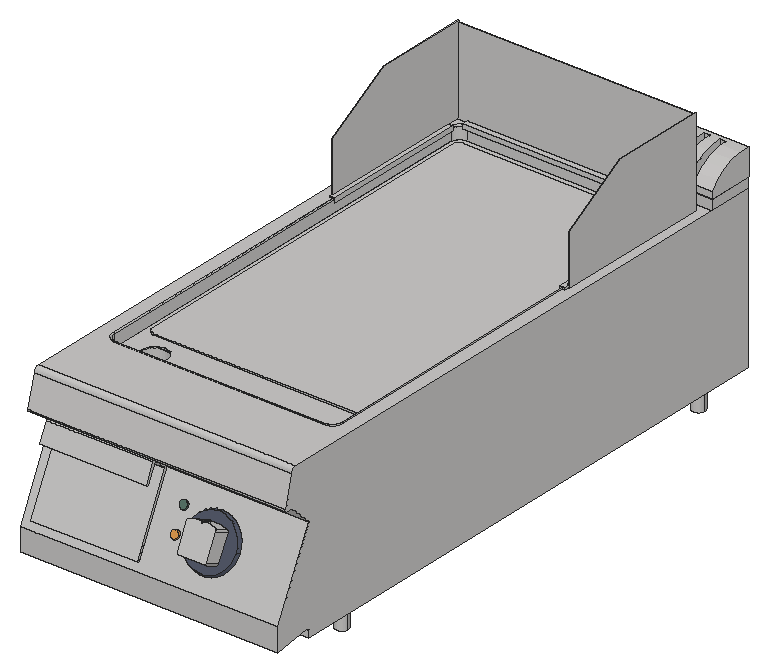
Revit family "QF_ZANUSSI_392403_Z9IIMAAOMEA", category Specialty Equipment, Revit 2018
Family settings
  Round Connector Dimension = Use Diameter
  Part Type = Normal
  Work Plane-Based = No
  Always vertical = Yes
  Cut with Voids When Loaded = No
  Shared = No
  Room Calculation Point = No
Parameters
  Width = 400 mm  # constant formula
  Weight in Pounds = 55  # constant formula
  Weight = 0.00 kg
  Watts = 0 W
  Volts = 400 V  # constant formula
  URL Manufacturer = "http://www.zanussiprofessional.com"
  URL Cutsheet = "www.electrolux.com"
  URL = "http://www.zanussiprofessional.com"
  Type Mark [instance] = ""
  Steam Supply Size = 0"
  Steam Supply Minimum Pressure = 0.00 psi
  Steam Supply Maximum Pressure = 0.00 psi
  Steam Pounds per Hour = 0
  Status [instance] = ""
  Specification by User [instance] = ""
  Specification by Manufacturer = ""
  Show Logo [instance] = yes
  Show Clearance [instance] = yes
  Serial Number = ""
  Seismic Rating = ""
  SMACNA No = ""
  Revision Code [instance] = ""
  Refrigeration Suction Line Size = 0"
  Refrigeration Liquid Line Size = 0"
  Refrigerant Compressor Remote = yes
  Phase = 3
  Omniclass Number and Title = ""
  Number of Poles [instance] = 1
  NAFEM Spec ID Number = ""
  Model = "Z9FTEDHS00"
  Min Ckt Ampacity = 0 A
  Max Overcurrent Protection = 0 A
  Masterspec = ""
  Manufacturer = "Zanussi"
  Length Actual = 400 mm  # constant formula
  Item Number [instance] = "392067"
  Installed By [instance] = ""
  Identify Quantity as Lot [instance] = yes
  Hot Water Size = 0"
  Height Actual = 250 mm  # constant formula
  HP = "0 HP"
  Gas Size = 0"
  Gas KW = 0
  Gas Input Pressure = 0.0 Btu/h
  Furnished By [instance] = ""
  Foodservice Equipment Identifier [instance] = yes
  FL Amps = if(Phase = 3, Watts / (Volts * 1.73), Watts / Volts)  # 0 A
  Electrical Remarks [instance] = "400 V/3N ph/50/60 Hz"  # constant formula
  Electric Connection Type [instance] = ""
  Elec Conn RI Height [instance] = 0 mm
  Elec Conn Connection Height [instance] = 0 mm
  Direct Waste Size = 0"
  Description = "EL.FRYTOP SMOOTH HORIZONTAL PLATE 400 MM"
  Depth Actual = 900 mm  # constant formula
  Depth = 915 mm  # constant formula
  Cycle [instance] = if([60 Hertz Option], 60 Hz, 50 Hz)  # 60 Hz
  Conn Plug = ""
  Conn Conduit = yes
  Condensate Return Size = 0"
  Compressed Air Volume = 0 GPM
  Compressed Air Size = 0"
  Compressed Air Pressure = 0.00 psi
  Cold Water Size = 0"
  CSI MasterFormat = ""
  CSI Master Format = ""
  Apparent Power = if(Phase = 3, Volts * FL Amps * 1.73, Volts * FL Amps)  # 0 VA
  Accessory = yes
  60 Hertz Option [instance] = not([50 Hertz Option])  # yes
  50 Hertz Option [instance] = no
Reference planes
  plane 1 "BACK": y = 0
  plane 2: z = 0
  plane 3 "LEFT": x = 0
  plane 4 "RIGHT": x = 400
  plane 5 "FRONT": y = -915
  plane 6 "TOP": z = 274
  plane 7 "Center Y": x = 200
  plane 8 "Center X": y = -457.5
  plane 9: y = -1045
  plane 10: z = 24
  plane 11: z = 290
  plane 12: z = 410
  plane 13: x = 11
  plane 14: x = 389
Forms (mm)
  Extrusion 1, solid, material "QF_Finishes_Stainless Steel"
    sketch origin (0, 0, 0) x (0, 1, 0) y (0, 0, 1)
      loop
        line (0, 24) -> (0, 274) -> (-879.358, 274)
        arc (-879.358, 274) -> (-884.643, 271.811) -> (-886.833, 266.526) r 7.474
        line (-886.833, 266.526) -> (-899.884, 221.011)
        arc (-899.884, 221.011) -> (-899.396, 218.379) -> (-897, 217.184) r 3
        line (-897, 217.184) -> (-886.802, 217.184) -> (-854.982, 185.364) -> (-915, 64.508) -> (-915, 29.508) -> (-858.645, 37.428)
        arc (-858.645, 37.428) -> (-856.101, 36.674) -> (-855, 34.259) r 3.2
        line (-855, 34.259) -> (-855, 24) -> (0, 24)
    from 0 to 400
  Extrusion 2, solid, material "QF_Finishes_Stainless Steel"
    sketch origin (0, -1, 0) x (1, 0, 0) y (0, 1, 0)
      loop
        circle (11, -82) r 9.525
      loop
        circle (11, -775) r 9.525
      loop
        circle (389, -82) r 9.525
      loop
        circle (389, -775) r 9.525
    from 0 to 24
  Extrusion 3, solid, material "QF_Finishes_Stainless Steel"
    sketch origin (0, 0, 0.362) x (0, 1, 0) y (0, 0, 1)
      loop
        line (0, 289.638) -> (0, 331.354)
        arc (0, 331.354) -> (-38.768, 324.268) -> (-69.85, 300.038) r 82.671
        line (-69.85, 300.038) -> (-69.85, 289.638) -> (0, 289.638)
    from 0 to 400.05
  Extrusion 4, void
    sketch origin (0, 0, 275) x (0, -1, 0) y (1, 0, 0)
      loop
        line (6.761, 29.703) -> (63.911, 29.703) -> (63.911, 38.999) -> (6.761, 38.999) -> (6.761, 29.703)
      loop
        line (63.911, 64.487) -> (6.761, 64.487) -> (6.761, 55.191) -> (63.911, 55.191) -> (63.911, 64.487)
      loop
        line (63.911, 89.975) -> (6.761, 89.975) -> (6.761, 80.68) -> (63.911, 80.68) -> (63.911, 89.975)
      loop
        line (63.911, 115.464) -> (6.761, 115.464) -> (6.761, 106.168) -> (63.911, 106.168) -> (63.911, 115.464)
      loop
        line (63.911, 140.952) -> (6.761, 140.952) -> (6.761, 131.656) -> (63.911, 131.656) -> (63.911, 140.952)
      loop
        line (63.911, 166.44) -> (6.761, 166.44) -> (6.761, 157.145) -> (63.911, 157.145) -> (63.911, 166.44)
      loop
        line (63.911, 191.929) -> (6.761, 191.929) -> (6.761, 182.633) -> (63.911, 182.633) -> (63.911, 191.929)
      loop
        line (63.911, 217.417) -> (6.761, 217.417) -> (6.761, 208.121) -> (63.911, 208.121) -> (63.911, 217.417)
      loop
        line (63.911, 242.905) -> (6.761, 242.905) -> (6.761, 233.61) -> (63.911, 233.61) -> (63.911, 242.905)
      loop
        line (63.911, 268.394) -> (6.761, 268.394) -> (6.761, 259.098) -> (63.911, 259.098) -> (63.911, 268.394)
      loop
        line (63.911, 293.882) -> (6.761, 293.882) -> (6.761, 284.586) -> (63.911, 284.586) -> (63.911, 293.882)
      loop
        line (63.911, 319.37) -> (6.761, 319.37) -> (6.761, 310.075) -> (63.911, 310.075) -> (63.911, 319.37)
      loop
        line (63.911, 344.859) -> (6.761, 344.859) -> (6.761, 335.563) -> (63.911, 335.563) -> (63.911, 344.859)
      loop
        line (63.911, 370.347) -> (6.761, 370.347) -> (6.761, 361.051) -> (63.911, 361.051) -> (63.911, 370.347)
    from 25.4 to 63.5
  Extrusion 5, solid, material "QF_Finishes_Stainless Steel"
    sketch origin (0, 0, 274) x (0, -1, 0) y (1, 0, 0)
      loop
        line (69.85, 0) -> (69.85, 400) -> (0, 400) -> (0, 0) -> (69.85, 0)
    from 0 to 15
  Extrusion 6, solid, material "QF_Finishes_Stainless Steel"
    sketch origin (635, 190.152, 274) x (0, -1, 0) y (1, 0, 0)
      loop
        line (273.542, -252.03) -> (273.542, -617.97) -> (275.13, -617.97) -> (275.13, -252.03) -> (273.542, -252.03)
    from 0 to 135
  Extrusion 7, void
    sketch origin (0, 0, 274) x (0, -1, 0) y (1, 0, 0)
      loop
        arc (92.539, 37.03) -> (96.932, 26.423) -> (107.539, 22.03) r 15
        line (107.539, 22.03) -> (762.539, 22.03)
        arc (762.539, 22.03) -> (773.145, 26.423) -> (777.539, 37.03) r 15
        line (777.539, 37.03) -> (777.539, 362.97)
        arc (777.539, 362.97) -> (773.145, 373.577) -> (762.539, 377.97) r 15
        line (762.539, 377.97) -> (107.539, 377.97)
        arc (107.539, 377.97) -> (96.932, 373.577) -> (92.539, 362.97) r 15
        line (92.539, 362.97) -> (92.539, 37.03)
    from 0 to -21.588
  Sweep 8, solid, material "QF_Finishes_Stainless Steel"
    path origin (0, 0, 0) x (1, 0, 0) y (0, 1, 0)
      loop
        line (22.03, -107.539) -> (22.03, -762.539)
        arc (22.03, -762.539) -> (26.423, -773.145) -> (37.03, -777.539) r 15
        line (37.03, -777.539) -> (362.97, -777.539)
        arc (362.97, -777.539) -> (373.577, -773.145) -> (377.97, -762.539) r 15
        line (377.97, -762.539) -> (377.97, -107.539)
        arc (377.97, -107.539) -> (373.577, -96.932) -> (362.97, -92.539) r 15
        line (362.97, -92.539) -> (37.03, -92.539)
        arc (37.03, -92.539) -> (26.423, -96.932) -> (22.03, -107.539) r 15
    profile origin (22.03, -435.039, 0) x (1, 0, 0) y (0, 0, 1)
      loop
        line (0, 255) -> (1.588, 255) -> (1.588, 272.855)
        arc (1.588, 272.855) -> (1.147, 274.189) -> (0, 275) r 2.242
        line (0, 275) -> (0, 255)
  Extrusion 9, solid, material "QF_Finishes_Stainless Steel"
    sketch origin (0, 0, 0) x (1, 0, 0) y (0, 0, 1)
      loop
        line (17.03, 274.856) -> (23.926, 274.856) -> (23.926, 269.856) -> (25.514, 269.856) -> (25.514, 276.444) -> (17.03, 276.444) -> (17.03, 274.856)
      loop
        line (382.97, 274.856) -> (382.97, 276.444) -> (374.486, 276.444) -> (374.486, 269.856) -> (376.074, 269.856) -> (376.074, 274.856) -> (382.97, 274.856)
    from 105.541 to 335.39
  Extrusion 10, solid, material "QF_Finishes_Stainless Steel"
    sketch origin (0, 0, 0) x (0, 1, 0) y (0, 0, 1)
      loop
        line (-94.126, 269.856) -> (-94.126, 274.856) -> (-84.978, 274.856) -> (-84.978, 276.444) -> (-95.714, 276.444) -> (-95.714, 269.856) -> (-94.126, 269.856)
    from 32.03 to 367.97
  Extrusion 11, solid, material "QF_Finishes_Stainless Steel"
    sketch origin (0, 0, 24) x (-1, 0, 0) y (0, 1, 0)
      loop
        circle (-340, -570) r 6.35
    from 0 to 5
  Extrusion 12, solid, material "QF_Clearances", visible <- "Show Clearance", detail levels coarse
    sketch origin (0, 0, 0) x (1, 0, 0) y (0, 1, 0)
      loop
        line (0, 0) -> (400, 0) -> (400, -915) -> (500, -915) -> (500, 100) -> (-100, 100) -> (-100, -915) -> (0, -915) -> (0, 0)
    from 0 to 410
  Extrusion 13, solid, material "QF_Finishes_Stainless Steel"
    sketch origin (0, 0, 0) x (0, 1, 0) y (0, 0, 1)
      loop
        line (-777.539, 254) -> (-777.539, 252.413) -> (-92.539, 252.413) -> (-92.539, 254) -> (-777.539, 254)
    from 22.03 to 377.97
  Extrusion 14, void
    sketch origin (0, 0, 0) x (1, 0, 0) y (0, 1, 0)
      loop
        circle (71.879, -743.736) r 20
    from 235.859 to 256.719
  Extrusion 15, solid, material "QF_Finishes_Stainless Steel"
    sketch origin (0, 0, 0) x (0, 1, 0) y (0, 0, 1)
      loop
        line (-83.39, 410) -> (-227.89, 410) -> (-327.89, 352.265) -> (-327.89, 274) -> (-83.39, 274) -> (-83.39, 410)
    from 15.442 to 17.03
  Extrusion 16, solid, material "QF_Finishes_Stainless Steel"
    sketch origin (400, 0, 0) x (0, 1, 0) y (0, 0, -1)
      loop
        line (-83.39, -410) -> (-83.39, -274) -> (-327.89, -274) -> (-327.89, -352.265) -> (-227.89, -410) -> (-83.39, -410)
    from 15.442 to 17.03
  Extrusion 17, solid, material "QF_Finishes_Stainless Steel"
    sketch origin (23.617, -107.539, 255) x (-1, 0, 0) y (0, 1, 0)
      loop
        arc (-18.413, -600) -> (-11.341, -597.071) -> (-8.413, -590) r 10
        line (-8.413, -590) -> (-8.413, -7.867)
        arc (-8.413, -7.867) -> (-11.341, -0.796) -> (-18.412, 2.133) r 10
        line (-18.412, 2.133) -> (-334.353, 2.133)
        arc (-334.353, 2.133) -> (-341.425, -0.796) -> (-344.353, -7.867) r 10
        line (-344.353, -7.867) -> (-344.353, -590)
        arc (-344.353, -590) -> (-341.425, -597.071) -> (-334.353, -600) r 10
        line (-334.353, -600) -> (-18.413, -600)
    from 0 to -2
  Extrusion 18, solid, material "QF_Finishes_Stainless Steel"
    sketch origin (0, -214.132, -0.464) x (0, 1, 0) y (0, 0, 1)
      loop
        line (-640.85, 185.828) -> (-659.988, 204.966)
        arc (-659.988, 204.966) -> (-664.455, 206.368) -> (-668.159, 203.504) r 5.058
        line (-668.159, 203.504) -> (-680.821, 175.994) -> (-677.937, 174.666) -> (-665.275, 202.176)
        arc (-665.275, 202.176) -> (-663.896, 203.243) -> (-662.233, 202.721) r 1.883
        line (-662.233, 202.721) -> (-644.727, 185.215) -> (-698.248, 77.444) -> (-695.339, 76.105) -> (-640.85, 185.828)
    from 15 to 180
  Extrusion 19, solid, material "QF_Finishes_Drawer Clearance", visible <- "Show Clearance", detail levels coarse
    sketch origin (0, -315.732, -0.464) x (0, 1, 0) y (0, 0, 1)
      loop
        line (-726.181, 76.105) -> (-593.739, 76.105) -> (-539.25, 185.828) -> (-558.388, 204.966)
        arc (-558.388, 204.966) -> (-560.449, 206.215) -> (-562.855, 206.368) r 5.058
        line (-562.855, 206.368) -> (-695.296, 206.368)
        arc (-695.296, 206.368) -> (-697.5, 205.39) -> (-699, 203.504) r 5.058
        line (-699, 203.504) -> (-711.662, 175.994) -> (-708.778, 174.666) -> (-696.116, 202.176)
        arc (-696.116, 202.176) -> (-694.737, 203.243) -> (-693.074, 202.721) r 1.883
        line (-693.074, 202.721) -> (-675.569, 185.215) -> (-729.089, 77.444) -> (-726.181, 76.105)
    from 15 to 180
  Blend 20, solid, material "QF_Finishes_Navy Blue"
    base sketch origin (275, -884.991, 124.936) x (1, 0, 0) y (0, 0.444781, 0.895639)
      loop
        circle (0, 0) r 42.5
    top sketch origin (275, -884.991, 124.936) x (1, 0, 0) y (0, 0.444781, 0.895639)
      loop
        circle (0, 0) r 40.5
    from 0 to 5
  Extrusion 21, solid, material "QF_Finishes_Stainless Steel"
    sketch origin (275, -884.991, 124.936) x (1, 0, 0) y (0, 0.444781, 0.895639)
      loop
        arc (-21.147, 22.789) -> (-22.494, 21.685) -> (-23, 20.019) r 2.997
        line (-23, 20.019) -> (-23, -20.019)
        arc (-23, -20.019) -> (-22.122, -22.138) -> (-20.003, -23.016) r 2.997
        line (-20.003, -23.016) -> (20.003, -23.016)
        arc (20.003, -23.016) -> (22.122, -22.138) -> (23, -20.019) r 2.997
        line (23, -20.019) -> (23, 20.019)
        arc (23, 20.019) -> (22.494, 21.685) -> (21.147, 22.789) r 2.997
        arc (21.147, 22.789) -> (0, 26.984) -> (-21.147, 22.789) r 55.4
    from 10 to 34
  Extrusion 22, solid, material "QF_Finishes_Stainless Steel"
    sketch origin (275, -884.991, 124.936) x (1, 0, 0) y (0, 0.444781, 0.895639)
      loop
        line (17.5, 17.5) -> (-17.5, 17.5) -> (-17.5, -17.5) -> (17.5, -17.5) -> (17.5, 17.5)
    from 5 to 10
  Extrusion 23, solid, material "QF_Plastic-Black-Matte"
    sketch origin (217.5, -884.991, 124.936) x (0, 0.444781, 0.895639) y (0, 0.895639, -0.444781)
      loop
        line (26.984, -34) -> (23.984, -34) -> (23.984, -35) -> (26.984, -35)
        arc (26.984, -35) -> (27.691, -34.707) -> (27.984, -34) r 1
        line (27.984, -34) -> (27.984, -19) -> (26.984, -19) -> (26.984, -34)
    from -58.5 to -56.5
  Extrusion 24, solid, material "QF_Finishes_DarkGreen"
    sketch origin (275, -871.138, 152.831) x (1, 0, 0) y (0, 0.444781, 0.895639)
      loop
        circle (-55.001, 0) r 6
    from 0 to 1.6
  Extrusion 25, solid, material "QF_Finishes_Orange"
    sketch origin (275, -888.072, 118.733) x (1, 0, 0) y (0, 0.444781, 0.895639)
      loop
        circle (-55.001, 0) r 6
    from 0 to 1.6
Cuts and joins
  Extrusion 4 cuts Extrusion 3
  Extrusion 7, Extrusion 14 cuts Extrusion 1
  Extrusion 14 cuts Extrusion 13
Lines and regions (mm)
  Split face 1
    outline origin (275, -889.469, 127.16) x (1, 0, 0) y (0, 0.444781, 0.895639)
      loop
        circle (-34, 0) r 1.5
  Split face 2
    outline origin (275, -889.469, 127.16) x (1, 0, 0) y (0, 0.444781, 0.895639)
      loop
        circle (-30.633, -14.752) r 1.5
  Split face 3
    outline origin (275, -889.469, 127.16) x (1, 0, 0) y (0, 0.444781, 0.895639)
      loop
        circle (-21.199, -26.582) r 1.5
  Split face 4
    outline origin (275, -889.469, 127.16) x (1, 0, 0) y (0, 0.444781, 0.895639)
      loop
        circle (-7.566, -33.148) r 1.5
  Split face 5
    outline origin (275, -889.469, 127.16) x (1, 0, 0) y (0, 0.444781, 0.895639)
      loop
        circle (7.566, -33.148) r 1.5
  Split face 6
    outline origin (275, -889.469, 127.16) x (1, 0, 0) y (0, 0.444781, 0.895639)
      loop
        circle (21.199, -26.582) r 1.5
  Split face 7
    outline origin (275, -889.469, 127.16) x (1, 0, 0) y (0, 0.444781, 0.895639)
      loop
        circle (30.633, -14.752) r 1.5
  Split face 8
    outline origin (275, -889.469, 127.16) x (1, 0, 0) y (0, 0.444781, 0.895639)
      loop
        circle (34, 0) r 1.5
  Split face 9
    outline origin (296.665, -886.175, 133.794) x (1, 0, 0) y (0, 0.444781, 0.895639)
      loop
        circle (-21.665, 26.582) r 1.5
  symbolic lines, style "QF_Clearances", visible <- "Show Clearance", detail levels coarse
    curve 1: line (500, -915, 0) -> (500, 100, 0)
    curve 2: line (500, 100, 0) -> (-100, 100, 0)
    curve 3: line (-100, 100, 0) -> (-100, -915, 0)
  symbolic lines, style "QF_Door-Drawer Clearances"
    curve 4: line (15, -915, 0) -> (15, -1045, 0)
    curve 5: line (15, -1045, 0) -> (180, -1045, 0)
    curve 6: line (180, -915, 0) -> (180, -1045, 0)
  symbolic lines
    curve 7: line (400, -915, 0) -> (400, 0, 0)
    curve 8: line (400, 0, 0) -> (0, 0, 0)
    curve 9: line (0, 0, 0) -> (0, -915, 0)
    curve 10: line (362.97, -777.539, 0) -> (37.03, -777.539, 0)
    curve 11: arc (37.03, -777.539, 0) -> (26.423, -773.145, 0) -> (22.03, -762.539, 0) r 15
    curve 12: line (22.03, -762.539, 0) -> (22.03, -327.89, 0)
    curve 13: arc (22.163, -105.541, 0) -> (25.387, -98.081, 0) -> (32.03, -93.397, 0) r 15
    curve 14: arc (367.97, -93.397, 0) -> (374.613, -98.081, 0) -> (377.837, -105.541, 0) r 15
    curve 15: line (377.97, -327.89, 0) -> (377.97, -762.539, 0)
    curve 16: arc (377.97, -762.539, 0) -> (373.577, -773.145, 0) -> (362.97, -777.539, 0) r 15
    curve 17: line (357.97, -707.539, 0) -> (42.03, -707.539, 0)
    curve 18: arc (42.03, -707.539, 0) -> (34.958, -704.61, 0) -> (32.03, -697.539, 0) r 10
    curve 19: line (32.03, -697.539, 0) -> (32.03, -115.406, 0)
    curve 20: arc (32.03, -115.406, 0) -> (34.958, -108.335, 0) -> (42.03, -105.406, 0) r 10
    curve 21: line (42.03, -105.406, 0) -> (357.97, -105.406, 0)
    curve 22: arc (357.97, -105.406, 0) -> (365.042, -108.335, 0) -> (367.97, -115.406, 0) r 10
    curve 23: line (367.97, -115.406, 0) -> (367.97, -697.539, 0)
    curve 24: arc (367.97, -697.539, 0) -> (365.042, -704.61, 0) -> (357.97, -707.539, 0) r 10
    curve 25: line (15.442, -83.39, 0) -> (15.442, -327.89, 0)
    curve 26: line (384.558, -83.39, 0) -> (15.442, -83.39, 0)
    curve 27: line (384.558, -327.89, 0) -> (384.558, -83.39, 0)
    curve 28: line (367.97, -95.714, 0) -> (367.97, -83.39, 0)
    curve 29: line (32.03, -95.714, 0) -> (367.97, -95.714, 0)
    curve 30: line (32.03, -83.39, 0) -> (32.03, -95.714, 0)
    curve 31: line (384.558, -105.541, 0) -> (374.486, -105.541, 0)
    curve 32: line (25.514, -327.89, 0) -> (25.514, -105.541, 0)
    curve 33: line (15.442, -327.89, 0) -> (25.514, -327.89, 0)
    curve 34: line (374.486, -105.541, 0) -> (374.486, -327.89, 0)
    curve 35: line (374.486, -327.89, 0) -> (384.558, -327.89, 0)
    curve 36: line (25.514, -105.541, 0) -> (15.442, -105.541, 0)
    curve 37: line (38.999, -6.761, 0) -> (38.999, -63.911, 0)
    curve 38: line (38.999, -63.911, 0) -> (29.703, -63.911, 0)
    curve 39: line (29.703, -63.911, 0) -> (29.703, -6.761, 0)
    curve 40: line (29.703, -6.761, 0) -> (38.999, -6.761, 0)
    curve 41: line (55.191, -63.911, 0) -> (55.191, -6.761, 0)
    curve 42: line (55.191, -6.761, 0) -> (64.487, -6.761, 0)
    curve 43: line (64.487, -6.761, 0) -> (64.487, -63.911, 0)
    curve 44: line (64.487, -63.911, 0) -> (55.191, -63.911, 0)
    curve 45: line (89.975, -6.761, 0) -> (89.975, -63.911, 0)
    curve 46: line (89.975, -63.911, 0) -> (80.68, -63.911, 0)
    curve 47: line (80.68, -63.911, 0) -> (80.68, -6.761, 0)
    curve 48: line (80.68, -6.761, 0) -> (89.975, -6.761, 0)
    curve 49: line (115.464, -6.761, 0) -> (115.464, -63.911, 0)
    curve 50: line (115.464, -63.911, 0) -> (106.168, -63.911, 0)
    curve 51: line (106.168, -63.911, 0) -> (106.168, -6.761, 0)
    curve 52: line (106.168, -6.761, 0) -> (115.464, -6.761, 0)
    curve 53: line (140.952, -6.761, 0) -> (140.952, -63.911, 0)
    curve 54: line (140.952, -63.911, 0) -> (131.656, -63.911, 0)
    curve 55: line (131.656, -63.911, 0) -> (131.656, -6.761, 0)
    curve 56: line (131.656, -6.761, 0) -> (140.952, -6.761, 0)
    curve 57: line (166.44, -6.761, 0) -> (166.44, -63.911, 0)
    curve 58: line (166.44, -63.911, 0) -> (157.145, -63.911, 0)
    curve 59: line (157.145, -63.911, 0) -> (157.145, -6.761, 0)
    curve 60: line (157.145, -6.761, 0) -> (166.44, -6.761, 0)
    curve 61: line (191.929, -6.761, 0) -> (191.929, -63.911, 0)
    curve 62: line (191.929, -63.911, 0) -> (182.633, -63.911, 0)
    curve 63: line (182.633, -63.911, 0) -> (182.633, -6.761, 0)
    curve 64: line (182.633, -6.761, 0) -> (191.929, -6.761, 0)
    curve 65: line (208.121, -63.911, 0) -> (208.121, -6.761, 0)
    curve 66: line (208.121, -6.761, 0) -> (217.417, -6.761, 0)
    curve 67: line (217.417, -6.761, 0) -> (217.417, -63.911, 0)
    curve 68: line (217.417, -63.911, 0) -> (208.121, -63.911, 0)
    curve 69: line (367.97, -83.39, 0) -> (367.97, -95.714, 0)
    curve 70: line (361.001, -6.761, 0) -> (361.001, -63.911, 0)
    curve 71: line (361.001, -63.911, 0) -> (370.297, -63.911, 0)
    curve 72: line (370.297, -63.911, 0) -> (370.297, -6.761, 0)
    curve 73: line (370.297, -6.761, 0) -> (361.001, -6.761, 0)
    curve 74: line (344.809, -63.911, 0) -> (344.809, -6.761, 0)
    curve 75: line (344.809, -6.761, 0) -> (335.513, -6.761, 0)
    curve 76: line (335.513, -6.761, 0) -> (335.513, -63.911, 0)
    curve 77: line (335.513, -63.911, 0) -> (344.809, -63.911, 0)
    curve 78: line (310.025, -6.761, 0) -> (310.025, -63.911, 0)
    curve 79: line (310.025, -63.911, 0) -> (319.32, -63.911, 0)
    curve 80: line (319.32, -63.911, 0) -> (319.32, -6.761, 0)
    curve 81: line (319.32, -6.761, 0) -> (310.025, -6.761, 0)
    curve 82: line (284.536, -6.761, 0) -> (284.536, -63.911, 0)
    curve 83: line (284.536, -63.911, 0) -> (293.832, -63.911, 0)
    curve 84: line (293.832, -63.911, 0) -> (293.832, -6.761, 0)
    curve 85: line (293.832, -6.761, 0) -> (284.536, -6.761, 0)
    curve 86: line (259.048, -6.761, 0) -> (259.048, -63.911, 0)
    curve 87: line (259.048, -63.911, 0) -> (268.344, -63.911, 0)
    curve 88: line (268.344, -63.911, 0) -> (268.344, -6.761, 0)
    curve 89: line (268.344, -6.761, 0) -> (259.048, -6.761, 0)
    curve 90: line (233.56, -6.761, 0) -> (233.56, -63.911, 0)
    curve 91: line (233.56, -63.911, 0) -> (242.855, -63.911, 0)
    curve 92: line (242.855, -63.911, 0) -> (242.855, -6.761, 0)
    curve 93: line (242.855, -6.761, 0) -> (233.56, -6.761, 0)
    curve 94: arc (51.879, -743.736, 0) -> (71.879, -723.736, 0) -> (91.879, -743.736, 0) r 20
    curve 95: arc (51.879, -743.736, 0) -> (71.879, -763.736, 0) -> (91.879, -743.736, 0) r 20
    curve 96: line (0, -69.85, 0) -> (400, -69.85, 0)
    curve 97: line (252, -900, 0) -> (252, -924.347, 0)
    curve 98: arc (252, -924.347, 0) -> (252.146, -924.811, 0) -> (252.532, -925.107, 0) r 0.809
    curve 99: arc (252.532, -925.107, 0) -> (253.72, -925.587, 0) -> (254.997, -925.68, 0) r 4.127
    curve 100: arc (252, -904.292, 0) -> (246.959, -902.458, 0) -> (242.191, -900, 0) r 42.24
    curve 101: arc (252, -906.539, 0) -> (252.502, -905.818, 0) -> (253.299, -905.448, 0) r 1.682
    curve 102: arc (253.299, -905.448, 0) -> (263.602, -903.95, 0) -> (274, -903.441, 0) r 109.079
    curve 103: line (274, -900, 0) -> (274, -905.671, 0)
    curve 104: line (274, -905.671, 0) -> (276, -905.671, 0)
    curve 105: line (276, -905.671, 0) -> (276, -900, 0)
    curve 106: line (298, -900, 0) -> (298, -924.347, 0)
    curve 107: arc (298, -924.347, 0) -> (297.854, -924.811, 0) -> (297.468, -925.107, 0) r 0.809
    curve 108: arc (297.468, -925.107, 0) -> (296.28, -925.587, 0) -> (295.003, -925.68, 0) r 4.127
    curve 109: arc (298, -904.292, 0) -> (303.041, -902.458, 0) -> (307.809, -900, 0) r 42.24
    curve 110: arc (298, -906.539, 0) -> (297.498, -905.818, 0) -> (296.701, -905.448, 0) r 1.682
    curve 111: arc (296.701, -905.448, 0) -> (286.398, -903.95, 0) -> (276, -903.441, 0) r 109.079
    curve 112: line (254.997, -925.68, 0) -> (295.003, -925.68, 0)
    curve 113: line (298, -915, 276.225) -> (400.05, -915, 276.225)
    curve 114: line (0, -900, 276.225) -> (400.05, -900, 276.225)
    curve 115: line (0, -915, 276.225) -> (252, -915, 276.225)
    curve 116: line (15, -915, 276.225) -> (15, -900, 276.225)
    curve 117: line (180, -915, 276.225) -> (180, -900, 276.225)
Dimensions and locks
  equal spacing: plane 3 "LEFT", plane 7 "Center Y", plane 4 "RIGHT"
  "Width": plane 3 "LEFT" to plane 4 "RIGHT"
  equal spacing: plane 5 "FRONT", plane 8 "Center X", plane 1 "BACK"
  "Depth": plane 5 "FRONT" to plane 1 "BACK"
  plane 6 "TOP" to level = 274 mm
  plane 1 "BACK" to plane 9 = 1045 mm  (x2)
  plane 10 to level = 24 mm  (x2)
  plane 11 to plane 10 = 266 mm
  plane 6 "TOP" to plane 10 = 250 mm  (x2)
  plane 12 to level = 410 mm  (x2)
  plane 12 to plane 10 = 386 mm
  plane 13 to plane 3 "LEFT" = 11 mm
  locked: plane 14 to plane 4 "RIGHT" at 11
  plane 1 "BACK" to plane 5 "FRONT" = 915 mm
  Extrusion 11 to plane 10 = 5 mm
  plane 1 "BACK" to Extrusion 11 = 570 mm
  plane 1 "BACK" to Extrusion 2 to Extrusion 2 to plane 5 "FRONT" = 83 mm, 693 mm, 139 mm
  plane 13 to plane 14 = 378 mm
  plane 1 "BACK" to curve 2 = 100 mm
  plane 4 "RIGHT" to curve 1 = 100 mm
  curve 3 to plane 3 "LEFT" = 100 mm
  Extrusion 11 sketch curve to plane 4 "RIGHT" = 60 mm
  aligned and locked: level to plane 2
  aligned and locked: Extrusion 1 to plane 4 "RIGHT"
Automatic sketch dimensions
  Extrusion 1 sketch curve to plane 5 "FRONT" = 0 mm
  Extrusion 1 sketch curve to plane 6 "TOP" = 0 mm
  Extrusion 1 sketch curve to plane 10 = 0 mm
  Extrusion 1 sketch curve to plane 1 "BACK" = 0 mm
  Extrusion 1 sketch curve to plane 5 "FRONT" = 15.116 mm
  Extrusion 1 sketch curve to Extrusion 1 sketch curve = 2.884 mm
  Extrusion 1 sketch curve to plane 6 "TOP" = 7.474 mm
  Extrusion 1 sketch curve to plane 5 "FRONT" = 28.167 mm
  Extrusion 1 sketch curve to Extrusion 1 sketch curve = 10.198 mm
  plane 10 to Extrusion 1 sketch curve = 13.428 mm
  Extrusion 1 sketch curve to plane 5 "FRONT" = 56.355 mm
  Extrusion 1 sketch curve to Extrusion 1 sketch curve = 0.445 mm
  Extrusion 1 sketch curve to Extrusion 1 sketch curve = 3.2 mm
  Extrusion 1 sketch curve to Extrusion 1 sketch curve = 31.82 mm  (x2)
  plane 10 to Extrusion 1 sketch curve = 5.508 mm
  Extrusion 1 sketch curve to Extrusion 1 sketch curve = 35 mm
  Extrusion 1 sketch curve to Extrusion 1 sketch curve = 81.162 mm
  Extrusion 1 sketch curve to Extrusion 1 sketch curve = 3 mm
  Extrusion 2 sketch curve to plane 13 = 0 mm  (x2)
  Extrusion 2 sketch curve to plane 14 = 0 mm  (x2)
  Extrusion 2 sketch curve to plane 5 "FRONT" = 139 mm  (x2)
  plane 1 "BACK" to Extrusion 2 sketch curve = 83 mm  (x2)
  Extrusion 3 sketch curve to plane 11 = 0 mm
  Extrusion 3 sketch curve to plane 1 "BACK" = 0 mm
  plane 1 "BACK" to Extrusion 3 sketch curve = 4.947 mm
  plane 11 to Extrusion 3 sketch curve = 10.4 mm
  plane 1 "BACK" to Extrusion 3 sketch curve = 69.85 mm
  Extrusion 3 sketch curve to plane 6 "TOP" = 24.807 mm
  plane 1 "BACK" to Extrusion 4 sketch curve = 6.761 mm  (x14)
  plane 7 "Center Y" to Extrusion 4 sketch curve = 17.417 mm
  Extrusion 4 sketch curve to Extrusion 4 sketch curve = 57.15 mm
  Extrusion 4 sketch curve to plane 7 "Center Y" = 8.071 mm
  Extrusion 4 sketch curve to Extrusion 4 sketch curve = 0 mm  (x13)
  Extrusion 4 sketch curve to Extrusion 4 sketch curve = 9.296 mm  (x13)
  Extrusion 4 sketch curve to Extrusion 4 sketch curve = 16.193 mm  (x12)
  plane 7 "Center Y" to Extrusion 4 sketch curve = 8.121 mm
  plane 13 to Extrusion 6 sketch curve = 6.03 mm
  plane 1 "BACK" to Extrusion 6 sketch curve = 83.39 mm
  Extrusion 6 sketch curve to Extrusion 6 sketch curve = 1.588 mm
  plane 14 to Extrusion 6 sketch curve = 6.03 mm
  plane 13 to Extrusion 7 sketch curve = 26.03 mm
  plane 1 "BACK" to Extrusion 7 sketch curve = 92.539 mm
  plane 14 to Extrusion 7 sketch curve = 11.03 mm
  Extrusion 7 sketch curve to Extrusion 7 sketch curve = 15 mm  (x3)
  Extrusion 7 sketch curve to plane 5 "FRONT" = 152.461 mm  (x2)
  plane 13 to Sweep 8 sketch curve = 11.03 mm
  Sweep 8 sketch curve to Sweep 8 sketch curve = 15 mm  (x2)
  plane 14 to Sweep 8 sketch curve = 26.03 mm  (x2)
  plane 14 to Sweep 8 sketch curve = 11.03 mm
  Sweep 8 sketch curve to plane 5 "FRONT" = 137.461 mm
  plane 1 "BACK" to Sweep 8 sketch curve = 107.539 mm
  profile plane to Sweep 8 sketch curve = 0 mm
  profile plane to Sweep 8 sketch curve = 0.655 mm
  Sweep 8 sketch curve to profile plane = 1.588 mm
  level to Sweep 8 sketch curve = 255 mm
  Sweep 8 sketch curve to Sweep 8 sketch curve = 17.855 mm
  plane 6 "TOP" to Extrusion 9 sketch curve = 0.856 mm  (x2)
  plane 13 to Extrusion 9 sketch curve = 6.03 mm
  Extrusion 9 sketch curve to plane 6 "TOP" = 4.144 mm  (x2)
  Extrusion 9 sketch curve to Extrusion 9 sketch curve = 6.896 mm
  Extrusion 9 sketch curve to Extrusion 9 sketch curve = 1.588 mm  (x3)
  plane 14 to Extrusion 9 sketch curve = 14.514 mm
  plane 6 "TOP" to Extrusion 9 sketch curve = 2.444 mm
  plane 14 to Extrusion 9 sketch curve = 6.03 mm
  plane 6 "TOP" to Extrusion 10 sketch curve = 2.444 mm
  plane 1 "BACK" to Extrusion 10 sketch curve = 95.714 mm
  Extrusion 10 sketch curve to Extrusion 10 sketch curve = 1.588 mm
  Extrusion 10 sketch curve to Extrusion 10 sketch curve = 9.149 mm
  plane 6 "TOP" to Extrusion 10 sketch curve = 0.856 mm
  Extrusion 10 sketch curve to plane 6 "TOP" = 4.144 mm
  Extrusion 13 sketch curve to plane 6 "TOP" = 21.587 mm
  Extrusion 13 sketch curve to plane 5 "FRONT" = 137.461 mm
  plane 1 "BACK" to Extrusion 13 sketch curve = 92.539 mm
  Extrusion 13 sketch curve to Extrusion 13 sketch curve = 1.587 mm
  plane 13 to Extrusion 14 sketch curve = 60.879 mm
  Extrusion 14 sketch curve to plane 5 "FRONT" = 171.264 mm
  Extrusion 15 sketch curve to plane 6 "TOP" = 0 mm
  Extrusion 15 sketch curve to plane 12 = 0 mm
  Extrusion 15 sketch curve to plane 12 = 57.735 mm
  plane 8 "Center X" to Extrusion 15 sketch curve = 129.61 mm
  Extrusion 15 sketch curve to Extrusion 15 sketch curve = 100 mm
  plane 1 "BACK" to Extrusion 15 sketch curve = 83.39 mm
  Extrusion 16 sketch curve to plane 6 "TOP" = 0 mm
  Extrusion 16 sketch curve to plane 12 = 0 mm
  Extrusion 16 sketch curve to plane 12 = 57.735 mm
  plane 8 "Center X" to Extrusion 16 sketch curve = 129.61 mm
  Extrusion 16 sketch curve to Extrusion 16 sketch curve = 100 mm
  plane 1 "BACK" to Extrusion 16 sketch curve = 83.39 mm
  Sweep 8 to Extrusion 17 sketch curve = 8.413 mm  (x2)
  Extrusion 17 sketch curve to Extrusion 17 sketch curve = 10 mm  (x2)
  Sweep 8 to Extrusion 17 sketch curve = 18.412 mm
  Sweep 8 to Extrusion 17 sketch curve = 18.413 mm
  Sweep 8 to Extrusion 17 sketch curve = 11.28 mm
  Sweep 8 to Extrusion 17 sketch curve = 78.413 mm
  Extrusion 18 sketch curve to Extrusion 18 sketch curve = 0 mm  (x2)
  Extrusion 18 sketch curve to plane 5 "FRONT" = 2.621 mm
  Extrusion 18 sketch curve to Extrusion 18 sketch curve = 2.908 mm
  Extrusion 18 sketch curve to plane 5 "FRONT" = 20.047 mm
  Extrusion 18 sketch curve to Extrusion 18 sketch curve = 2.884 mm  (x2)
  Extrusion 18 sketch curve to Extrusion 18 sketch curve = 12.662 mm
  Extrusion 18 sketch curve to Extrusion 18 sketch curve = 1.711 mm
  Extrusion 18 sketch curve to Extrusion 18 sketch curve = 1.332 mm
  Extrusion 18 sketch curve to Extrusion 18 sketch curve = 2.245 mm
  Extrusion 18 sketch curve to Extrusion 18 sketch curve = 17.505 mm
  Extrusion 18 sketch curve to Extrusion 18 sketch curve = 3.877 mm
  plane 10 to Extrusion 18 sketch curve = 51.641 mm
  Extrusion 18 sketch curve to Extrusion 18 sketch curve = 1.339 mm
  Extrusion 18 sketch curve to Extrusion 18 sketch curve = 97.223 mm
  Extrusion 18 sketch curve to Extrusion 18 sketch curve = 1.327 mm
  Extrusion 18 sketch curve to Extrusion 18 sketch curve = 16.961 mm
  Extrusion 18 sketch curve to Extrusion 18 sketch curve = 0.613 mm
  Extrusion 18 sketch curve to Extrusion 18 sketch curve = 0.787 mm
  Extrusion 19 sketch curve to Extrusion 19 sketch curve = 0 mm  (x2)
  plane 9 to Extrusion 19 sketch curve = 0.179 mm
  plane 9 to Extrusion 19 sketch curve = 3.087 mm
  plane 9 to Extrusion 19 sketch curve = 17.606 mm
  Extrusion 19 sketch curve to Extrusion 19 sketch curve = 2.884 mm  (x2)
  plane 9 to Extrusion 19 sketch curve = 30.268 mm
  Extrusion 19 sketch curve to Extrusion 19 sketch curve = 0.82 mm
  Extrusion 19 sketch curve to Extrusion 19 sketch curve = 1.711 mm
  Extrusion 19 sketch curve to Extrusion 19 sketch curve = 1.332 mm
  Extrusion 19 sketch curve to Extrusion 19 sketch curve = 17.505 mm
  Extrusion 19 sketch curve to plane 5 "FRONT" = 5.529 mm
  Extrusion 19 sketch curve to plane 5 "FRONT" = 36.413 mm
  Extrusion 19 sketch curve to Extrusion 19 sketch curve = 0.891 mm
  Extrusion 19 sketch curve to Extrusion 19 sketch curve = 4.467 mm
  Extrusion 19 sketch curve to Extrusion 19 sketch curve = 19.137 mm
  plane 10 to Extrusion 19 sketch curve = 51.641 mm
  Extrusion 19 sketch curve to Extrusion 19 sketch curve = 1.339 mm
  Extrusion 19 sketch curve to Extrusion 19 sketch curve = 97.223 mm
  Extrusion 19 sketch curve to Extrusion 19 sketch curve = 1.327 mm
  Extrusion 19 sketch curve to Extrusion 19 sketch curve = 16.961 mm
  Extrusion 19 sketch curve to plane 6 "TOP" = 88.636 mm
  Extrusion 19 sketch curve to Extrusion 19 sketch curve = 0.787 mm
  Extrusion 19 sketch curve to Extrusion 19 sketch curve = 4.979 mm
  plane 7 "Center Y" to Blend 20 sketch curve = 75 mm  (x2)
  plane 7 "Center Y" to Extrusion 21 sketch curve = 52 mm
  Extrusion 21 sketch curve to Extrusion 21 sketch curve = 2.997 mm  (x3)
  Extrusion 21 sketch curve to Extrusion 21 sketch curve = 20.003 mm  (x2)
  Extrusion 21 sketch curve to Extrusion 21 sketch curve = 40.005 mm
  Extrusion 21 sketch curve to Extrusion 21 sketch curve = 5.399 mm
  Extrusion 21 sketch curve to Extrusion 21 sketch curve = 40.037 mm
  Extrusion 21 sketch curve to Extrusion 21 sketch curve = 0 mm  (x2)
  plane 7 "Center Y" to Extrusion 22 sketch curve = 57.5 mm
  Extrusion 22 sketch curve to Extrusion 22 sketch curve = 35 mm  (x2)
  Extrusion 23 sketch curve to plane 5 "FRONT" = 9.329 mm
  Extrusion 23 sketch curve to plane 6 "TOP" = 112.016 mm
  Extrusion 23 sketch curve to Extrusion 23 sketch curve = 3 mm
  Extrusion 23 sketch curve to Extrusion 23 sketch curve = 0 mm
  Extrusion 23 sketch curve to Extrusion 23 sketch curve = 1 mm  (x2)
  Extrusion 23 sketch curve to Extrusion 23 sketch curve = 15 mm
  plane 7 "Center Y" to Extrusion 24 sketch curve = 19.999 mm
  plane 7 "Center Y" to Extrusion 25 sketch curve = 19.999 mm
  curve 94 to curve 95 = 0 mm  (x2)
  curve 9 to plane 3 "LEFT" = 0 mm
  curve 5 to plane 9 = 0 mm
  plane 13 to curve 5 = 4 mm
  plane 5 "FRONT" to curve 6 = 0 mm
  plane 1 "BACK" to curve 8 = 0 mm
  curve 8 to plane 4 "RIGHT" = 0 mm
  plane 5 "FRONT" to curve 4 = 0 mm
  plane 5 "FRONT" to curve 3 = 0 mm
  plane 5 "FRONT" to curve 7 = 0 mm
  plane 5 "FRONT" to curve 9 = 0 mm
  plane 5 "FRONT" to curve 1 = 0 mm
  plane 13 to curve 25 = 4.442 mm
  plane 13 to curve 12 = 11.03 mm
  curve 12 to curve 33 = 3.484 mm
  plane 1 "BACK" to curve 40 = 6.761 mm
  plane 13 to curve 40 = 18.703 mm
  plane 13 to curve 19 = 21.03 mm
  curve 32 to curve 30 = 6.516 mm
  curve 11 to curve 11 = 15 mm
  curve 20 to curve 13 = 5 mm
  curve 39 to curve 37 = 9.296 mm
  curve 19 to curve 18 = 10 mm
  curve 13 to curve 21 = 5 mm
  curve 37 to curve 44 = 16.193 mm
  curve 41 to curve 43 = 9.296 mm
  curve 11 to curve 94 = 34.849 mm
  plane 1 "BACK" to curve 48 = 6.761 mm
  curve 42 to curve 48 = 16.193 mm
  curve 46 to curve 46 = 9.296 mm
  curve 45 to curve 50 = 16.193 mm
  curve 50 to curve 50 = 9.296 mm
  plane 1 "BACK" to curve 55 = 6.761 mm
  curve 49 to curve 55 = 16.193 mm
  curve 54 to curve 53 = 9.296 mm
  plane 1 "BACK" to curve 59 = 6.761 mm
  curve 53 to curve 59 = 16.193 mm
  curve 58 to curve 57 = 9.296 mm
  curve 5 to plane 7 "Center Y" = 20 mm
  curve 57 to curve 63 = 16.193 mm
  curve 62 to plane 7 "Center Y" = 8.071 mm
  plane 7 "Center Y" to curve 65 = 8.121 mm
  curve 65 to curve 67 = 9.296 mm
  curve 67 to curve 90 = 16.143 mm
  curve 90 to curve 92 = 9.296 mm
  plane 5 "FRONT" to curve 97 = 9.347 mm
  plane 7 "Center Y" to curve 97 = 52 mm
  curve 97 to curve 98 = 0.809 mm
  curve 101 to curve 101 = 1.583 mm
  curve 98 to curve 99 = 1.846 mm
  curve 98 to curve 112 = 2.189 mm
  plane 1 "BACK" to curve 86 = 6.761 mm
  curve 92 to curve 86 = 16.193 mm
  curve 97 to curve 100 = 11.892 mm
  curve 86 to curve 89 = 9.296 mm
  curve 104 to plane 5 "FRONT" = 9.329 mm
  curve 101 to curve 104 = 20.417 mm
  plane 7 "Center Y" to curve 102 = 74.131 mm
  curve 102 to curve 111 = 1.738 mm
  curve 103 to curve 104 = 2 mm
  plane 1 "BACK" to curve 82 = 6.761 mm
  curve 88 to curve 82 = 16.193 mm
  curve 100 to curve 109 = 22.215 mm
  curve 82 to curve 84 = 9.296 mm
  curve 104 to curve 112 = 19.003 mm
  curve 108 to curve 108 = 0.343 mm
  curve 108 to curve 110 = 1.071 mm
  curve 108 to curve 107 = 2.189 mm
  curve 107 to curve 106 = 0.809 mm
  curve 83 to curve 78 = 16.193 mm
  curve 78 to curve 81 = 9.296 mm
  plane 1 "BACK" to curve 76 = 6.761 mm
  curve 80 to curve 76 = 16.193 mm
  curve 75 to curve 74 = 9.296 mm
  plane 14 to curve 24 = 31.03 mm
  plane 14 to curve 22 = 31.03 mm
  curve 74 to curve 71 = 16.193 mm
  curve 21 to curve 14 = 5 mm
  plane 14 to curve 10 = 26.03 mm
  curve 14 to curve 23 = 5 mm
  curve 14 to curve 69 = 5 mm
  curve 70 to curve 72 = 9.296 mm
  plane 14 to curve 35 = 14.514 mm
  plane 14 to curve 15 = 11.03 mm
  plane 14 to curve 35 = 4.442 mm
  plane 9 to curve 111 = 32.481 mm
  curve 102 to curve 111 = 0 mm
  plane 5 "FRONT" to curve 112 = 10.68 mm
  curve 108 to curve 107 = 1.333 mm
  curve 98 to curve 99 = 2.779 mm
  curve 107 to curve 108 = 2.779 mm
  curve 110 to plane 5 "FRONT" = 7.894 mm
  curve 101 to plane 5 "FRONT" = 7.894 mm
  curve 103 to curve 100 = 41.91 mm
  curve 100 to curve 109 = 0 mm
  curve 10 to plane 5 "FRONT" = 137.461 mm
  curve 11 to curve 94 = 18.803 mm
  curve 94 to curve 17 = 36.197 mm
  plane 8 "Center X" to curve 27 = 129.61 mm
  plane 8 "Center X" to curve 33 = 129.61 mm
  curve 20 to curve 37 = 108.645 mm
  curve 13 to curve 21 = 2.133 mm
  curve 14 to curve 21 = 2.133 mm
  curve 14 to curve 34 = 1.998 mm
  curve 13 to curve 36 = 1.998 mm
  curve 32 to curve 30 = 9.827 mm
  curve 29 to curve 26 = 12.325 mm
  curve 59 to curve 59 = 57.15 mm
  curve 50 to curve 58 = 0 mm
  curve 57 to curve 61 = 0 mm
  curve 30 to curve 38 = 19.479 mm
  curve 61 to curve 65 = 0 mm
  curve 49 to curve 54 = 0 mm
  curve 37 to curve 41 = 0 mm
  curve 28 to curve 70 = 19.479 mm
  curve 43 to curve 47 = 0 mm
  curve 74 to curve 70 = 0 mm
  curve 78 to curve 76 = 0 mm
  curve 67 to curve 92 = 0 mm
  curve 82 to curve 78 = 0 mm
  curve 88 to curve 82 = 0 mm
  plane 1 "BACK" to curve 90 = 6.761 mm
  plane 1 "BACK" to curve 81 = 6.761 mm
  plane 1 "BACK" to curve 73 = 6.761 mm
  plane 1 "BACK" to curve 67 = 6.761 mm
  plane 1 "BACK" to curve 64 = 6.761 mm
  plane 1 "BACK" to curve 52 = 6.761 mm
  plane 1 "BACK" to curve 41 = 6.761 mm
  curve 13 to curve 32 = 3.351 mm
  curve 94 to curve 94 = 20 mm
  curve 100 to curve 97 = 9.809 mm
  curve 101 to curve 101 = 0.284 mm
  curve 110 to curve 110 = 0.284 mm
  curve 106 to curve 109 = 9.809 mm
  curve 31 to curve 14 = 3.351 mm
  curve 110 to curve 110 = 0.567 mm
  curve 101 to curve 101 = 0.567 mm
  curve 101 to curve 100 = 1.156 mm
  curve 110 to curve 109 = 1.156 mm
  curve 109 to curve 106 = 4.292 mm
  curve 111 to curve 105 = 3.441 mm
  curve 103 to curve 105 = 0 mm
  curve 100 to curve 97 = 4.292 mm
  curve 26 to curve 96 = 13.54 mm
  plane 1 "BACK" to Extrusion 5 sketch curve = 0 mm
  Extrusion 5 sketch curve to plane 3 "LEFT" = 0 mm
  Extrusion 5 sketch curve to plane 4 "RIGHT" = 0 mm
  plane 1 "BACK" to Extrusion 5 sketch curve = 69.85 mm
  Extrusion 11 sketch curve to plane 8 "Center X" = 112.5 mm
  plane 5 "FRONT" to Extrusion 12 sketch curve = 0 mm  (x2)
  Extrusion 12 sketch curve to plane 3 "LEFT" = 0 mm
  Extrusion 12 sketch curve to plane 4 "RIGHT" = 0 mm
  plane 1 "BACK" to Extrusion 12 sketch curve = 0 mm
  Extrusion 12 sketch curve to plane 3 "LEFT" = 100 mm
  Extrusion 12 sketch curve to plane 4 "RIGHT" = 100 mm
  Extrusion 12 sketch curve to plane 1 "BACK" = 100 mm
  plane 5 "FRONT" to curve 113 = 0 mm
  plane 5 "FRONT" to curve 115 = 0 mm
  plane 13 to curve 116 = 4 mm
  curve 114 to plane 3 "LEFT" = 0 mm
  curve 115 to plane 3 "LEFT" = 0 mm
  curve 117 to plane 7 "Center Y" = 20 mm
  plane 7 "Center Y" to curve 115 = 52 mm
  curve 113 to curve 115 = 46 mm
  curve 114 to plane 4 "RIGHT" = 0.05 mm
  curve 113 to plane 4 "RIGHT" = 0.05 mm
  curve 117 to curve 117 = 15 mm
  radius of Extrusion 2 sketch curve = 9.525 mm  (x4)
  radius of Extrusion 14 sketch curve = 20 mm
  radius of Blend 20 sketch curve = 42.5 mm
  radius of Blend 20 sketch curve = 40.5 mm
  radius of Split face 1 sketch curve = 1.5 mm
  radius of Split face 2 sketch curve = 1.5 mm
  radius of Split face 3 sketch curve = 1.5 mm
  radius of Split face 4 sketch curve = 1.5 mm
  radius of Split face 5 sketch curve = 1.5 mm
  radius of Split face 6 sketch curve = 1.5 mm
  radius of Split face 7 sketch curve = 1.5 mm
  radius of Split face 8 sketch curve = 1.5 mm
  radius of Split face 9 sketch curve = 1.5 mm
  radius of Extrusion 24 sketch curve = 6 mm
  radius of Extrusion 25 sketch curve = 6 mm
  radius of Extrusion 11 sketch curve = 6.35 mm
Connectors
  electrical at (340, -570, 19), driven by "Volts", driven by "Watts"
    settings: on Extrusion 11, index 1, voltage 400 V, apparent load 0 VA, apparent load phase1 0 VA, apparent load phase2 0 VA, apparent load phase3 0 VA, power factor 1, load classification "Other", number of poles 1, system type 30, power factor state 1, is connector primary yes, connector utility no, sub classification motor no, connector description "ELECTRICAL CONNECTION"
